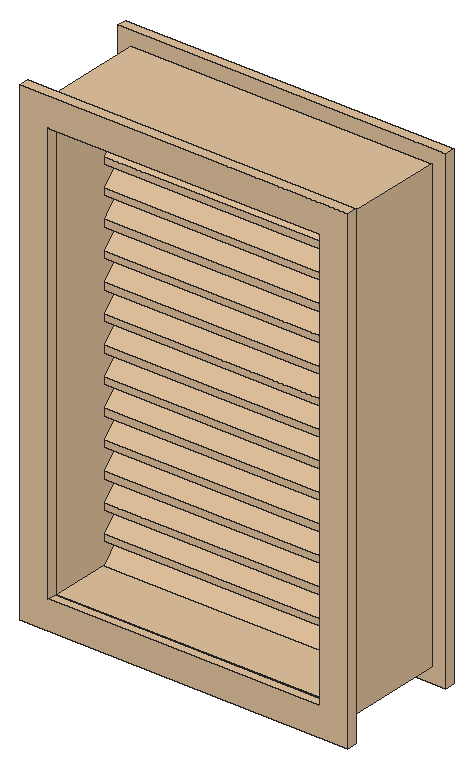
Revit family "M_Janela-louvers", category Janelas, Revit 2019
Family settings
  Hospedeiro = Parede
  Número OmniClass = 23.30.20.00
  Título OmniClass = Windows
  ID de item do Seek = Louvers with Trim-0000-CAN-ENU
  Sempre na vertical = Sim
  Corte com vazios quando carregada = Não
  Compartilhado = Não
  Ponto de cálculo do ambiente = Não
Parameters (values of type "0406 x 0610mm")
  Visual Light Transmittance = 0.9
  Solar Heat Gain Coefficient = 0.78
  ID do tipo de construção = ""
  Coeficiente de transferência de calor (U) = 3.6886 W/(m²·K)
  Material da moldura = Bétula
  Material de chaminé = Bétula
  Altura-padrão do peitoril = 915.00 mm
  Material da apara externa = Bétula
  Material da apara interna = Bétula
  Projeção da apara - Ext. = 13.00 mm
  Projeção da apara - Int. = 13.00 mm
  Largura da apara - Exterior = 38.00 mm
  Largura da apara - Interior = 38.00 mm
  Fechamento da parede = Por hospedeiro
  Largura = 406.00 mm
  Construção analítica = Vidraça única Pilkington 1/8 pol
Types (3, lengths in mm): name | Largura
  (no name) | 406.00
  0610 x 0610mm | 610.00
  0406 x 0610mm | 406.00
Reference planes
  plane 1: y = 0
  plane 2: z = 0
  plane 3 "Centro": x = 0
  plane 4 "Esquerda": x = -203
  plane 5 "Direita": x = 203
  plane 6 "Peitoril": z = 915
  plane 7 "Superior": z = 1524.6
  plane 8: y = 69.85
  plane 9: y = -82.55
  plane 10: x = -183.95
  plane 11: x = -221.95
  plane 12: x = -221.95
  plane 13: x = 221.95
  plane 14: x = 221.95
  plane 15: x = 183.95
  plane 16: z = 1543.55
  plane 17: z = 1543.55
  plane 18: z = 1505.55
  plane 19: z = 934.05
  plane 20: z = 896.05
  plane 21: z = 896.05
  plane 22: y = -1.992
Forms (mm)
  Extrusion 1, solid, material "Bétula" <- "Material da moldura"
    sketch origin (0, 0, 0) x (1, 0, 0) y (0, 0, 1)
      loop
        line (-203, 1524.6) -> (-203, 915) -> (203, 915) -> (203, 1524.6) -> (-203, 1524.6)
      loop
        line (-183.95, 1505.55) -> (-183.95, 934.05) -> (183.95, 934.05) -> (183.95, 1505.55) -> (-183.95, 1505.55)
    from -69.85 to 82.55
  Extrusion 2, solid, material "Bétula" <- "Material da apara interna"
    sketch origin (0, 0, 0) x (1, 0, 0) y (0, 0, 1)
      loop
        line (-183.95, 1505.55) -> (-183.95, 934.05) -> (183.95, 934.05) -> (183.95, 1505.55) -> (-183.95, 1505.55)
      loop
        line (-221.95, 1543.55) -> (-221.95, 896.05) -> (221.95, 896.05) -> (221.95, 1543.55) -> (-221.95, 1543.55)
    from 82.55 to 95.55
  Extrusion 3, solid, material "Bétula" <- "Material da apara externa"
    sketch origin (0, 0, 0) x (-1, 0, 0) y (0, 0, 1)
      loop
        line (-183.95, 1505.55) -> (-183.95, 934.05) -> (183.95, 934.05) -> (183.95, 1505.55) -> (-183.95, 1505.55)
      loop
        line (-221.95, 1543.55) -> (-221.95, 896.05) -> (221.95, 896.05) -> (221.95, 1543.55) -> (-221.95, 1543.55)
    from 69.85 to 82.85
  Extrusion 4, solid, material "Bétula" <- "Material de chaminé"
    sketch origin (0, 0, 0) x (0, -1, 0) y (0, 0, 1)
      loop
        line (-69.85, 934.05) -> (-60.87, 934.05) -> (-33.929, 960.991) -> (-6.988, 934.05) -> (1.992, 934.05) -> (-33.929, 969.971) -> (-69.85, 934.05)
      loop
        line (-69.85, 972.15) -> (-69.85, 963.17) -> (-33.929, 999.091) -> (1.992, 963.17) -> (1.992, 972.15) -> (-33.929, 1008.071) -> (-69.85, 972.15)
      loop
        line (-69.85, 1010.25) -> (-69.85, 1001.27) -> (-33.929, 1037.191) -> (1.992, 1001.27) -> (1.992, 1010.25) -> (-33.929, 1046.171) -> (-69.85, 1010.25)
      loop
        line (-69.85, 1048.35) -> (-69.85, 1039.37) -> (-33.929, 1075.291) -> (1.992, 1039.37) -> (1.992, 1048.35) -> (-33.929, 1084.271) -> (-69.85, 1048.35)
      loop
        line (-69.85, 1086.45) -> (-69.85, 1077.47) -> (-33.929, 1113.391) -> (1.992, 1077.47) -> (1.992, 1086.45) -> (-33.929, 1122.371) -> (-69.85, 1086.45)
      loop
        line (-69.85, 1124.55) -> (-69.85, 1115.57) -> (-33.929, 1151.491) -> (1.992, 1115.57) -> (1.992, 1124.55) -> (-33.929, 1160.471) -> (-69.85, 1124.55)
      loop
        line (-69.85, 1162.65) -> (-69.85, 1153.67) -> (-33.929, 1189.591) -> (1.992, 1153.67) -> (1.992, 1162.65) -> (-33.929, 1198.571) -> (-69.85, 1162.65)
      loop
        line (-69.85, 1200.75) -> (-69.85, 1191.77) -> (-33.929, 1227.691) -> (1.992, 1191.77) -> (1.992, 1200.75) -> (-33.929, 1236.671) -> (-69.85, 1200.75)
      loop
        line (-69.85, 1238.85) -> (-69.85, 1229.87) -> (-33.929, 1265.791) -> (1.992, 1229.87) -> (1.992, 1238.85) -> (-33.929, 1274.771) -> (-69.85, 1238.85)
      loop
        line (-69.85, 1276.95) -> (-69.85, 1267.97) -> (-33.929, 1303.891) -> (1.992, 1267.97) -> (1.992, 1276.95) -> (-33.929, 1312.871) -> (-69.85, 1276.95)
      loop
        line (-69.85, 1315.05) -> (-69.85, 1306.07) -> (-33.929, 1341.991) -> (1.992, 1306.07) -> (1.992, 1315.05) -> (-33.929, 1350.971) -> (-69.85, 1315.05)
      loop
        line (-69.85, 1353.15) -> (-69.85, 1344.17) -> (-33.929, 1380.091) -> (1.992, 1344.17) -> (1.992, 1353.15) -> (-33.929, 1389.071) -> (-69.85, 1353.15)
      loop
        line (-69.85, 1391.25) -> (-69.85, 1382.27) -> (-33.929, 1418.191) -> (1.992, 1382.27) -> (1.992, 1391.25) -> (-33.929, 1427.171) -> (-69.85, 1391.25)
      loop
        line (-69.85, 1429.35) -> (-69.85, 1420.37) -> (-33.929, 1456.291) -> (1.992, 1420.37) -> (1.992, 1429.35) -> (-33.929, 1465.171) -> (-69.85, 1429.35)
      loop
        line (-69.85, 1467.35) -> (-69.85, 1458.37) -> (-33.929, 1494.291) -> (1.992, 1458.37) -> (1.992, 1467.35) -> (-33.929, 1503.271) -> (-69.85, 1467.35)
    from -183.95 to 183.95
Lines and regions (mm)
  Opening 1
    outline origin (-1524, -82.55, 0) x (1, 0, 0) y (0, 0, 1)
      loop
        line (1321, 1524.6) -> (1321, 915) -> (1727, 915) -> (1727, 1524.6) -> (1321, 1524.6)
  symbolic lines, style "WindowsFrameMullionProjection"
    curve 1: line (-203, 69.85, 0) -> (-183.95, 69.85, 0)
    curve 2: line (-183.95, -82.55, 0) -> (-183.95, 69.85, 0)
    curve 3: line (203, 69.85, 0) -> (183.95, 69.85, 0)
    curve 4: line (183.95, -82.55, 0) -> (183.95, 69.85, 0)
    curve 5: line (-183.95, -82.55, 0) -> (-203, -82.55, 0)
    curve 6: line (183.95, -82.55, 0) -> (203, -82.55, 0)
    curve 7: line (-183.95, 57.15, 1429.35) -> (183.95, 57.15, 1429.35)
    curve 8: line (-183.95, 57.15, 1391.25) -> (183.95, 57.15, 1391.25)
    curve 9: line (-183.95, 57.15, 1353.15) -> (183.95, 57.15, 1353.15)
    curve 10: line (-183.95, 57.15, 1315.05) -> (183.95, 57.15, 1315.05)
    curve 11: line (-183.95, 57.15, 1276.95) -> (183.95, 57.15, 1276.95)
    curve 12: line (-183.95, 57.15, 1238.85) -> (183.95, 57.15, 1238.85)
    curve 13: line (-183.95, 57.15, 1200.75) -> (183.95, 57.15, 1200.75)
    curve 14: line (-183.95, 57.15, 1162.65) -> (183.95, 57.15, 1162.65)
    curve 15: line (-183.95, 57.15, 1124.55) -> (183.95, 57.15, 1124.55)
    curve 16: line (-183.95, 57.15, 1086.45) -> (183.95, 57.15, 1086.45)
    curve 17: line (-183.95, 57.15, 1048.35) -> (183.95, 57.15, 1048.35)
    curve 18: line (-183.95, 57.15, 1010.25) -> (183.95, 57.15, 1010.25)
    curve 19: line (-183.95, 57.15, 972.15) -> (183.95, 57.15, 972.15)
    curve 20: line (-183.95, 57.15, 1467.45) -> (183.95, 57.15, 1467.45)
    curve 21: line (-183.95, -1.992, 0) -> (183.95, -1.992, 0)
    curve 22: line (183.95, 69.85, 0) -> (-183.95, 69.85, 0)
Text (mm)
  text "EXTERIOR" at (-732.227, 621.858, 0), in view "Linha do piso"
  text "INTERIOR" at (-732.227, -875.3, 0), in view "Linha do piso"
  text "Exterior" at (0, 788.537, 2013.563), in view "Esquerda"
  text "Exterior" at (0, 464.664, 3176.206), in view "Direita"
Dimensions and locks
  equal spacing: plane 4 "Esquerda", plane 3 "Centro", plane 5 "Direita"
  "Largura": plane 4 "Esquerda" to plane 5 "Direita"
  "Altura-padrão do peitoril": plane 2 to plane 6 "Peitoril"
  "Projeção da apara - Int.": Extrusion 2 to Extrusion 2
  "Projeção da apara - Ext.": Extrusion 3 to Extrusion 3
  locked: plane 4 "Esquerda" to plane 10 at 19.05
  locked: plane 15 to plane 5 "Direita" at 19.05
  plane 18 to plane 7 "Superior" = 19.05 mm
  "Largura da apara - Exterior": plane 18 to plane 16
  "Largura da apara - Exterior": plane 15 to plane 13
  "Largura da apara - Exterior": plane 11 to plane 10
  plane 19 to plane 6 "Peitoril" = 19.05 mm
  "Largura da apara - Interior": plane 19 to plane 20
  "Largura da apara - Interior": plane 12 to plane 10
  "Largura da apara - Interior": plane 15 to plane 14
  "Largura da apara - Interior": plane 17 to plane 18
  "Largura da apara - Exterior": plane 21 to plane 19
  locked: plane 8 to plane 22 at 71.842
  locked: plane 10 to Extrusion 4 at 0
  locked: Extrusion 4 to plane 15
  locked: plane 6 "Peitoril" to plane 7 "Superior" at 609.6
  aligned and locked: plane 7 "Superior" to Opening 1 sketch curve
  aligned and locked: plane 6 "Peitoril" to Opening 1 sketch curve  (x2)
  aligned and locked: plane 5 "Direita" to Opening 1 sketch curve
  aligned and locked: plane 4 "Esquerda" to Opening 1 sketch curve
  aligned and locked: plane 9 to host wall
  aligned and locked: plane 8 to host wall
  aligned and locked: host wall to Extrusion 1  (x2)
  aligned and locked: curve 3 to Extrusion 1  (x2)
  aligned and locked: Extrusion 2 to host wall
  aligned and locked: Extrusion 3 sketch curve to Extrusion 1  (x4)
  aligned and locked: Extrusion 3 to host wall
Automatic sketch dimensions
  Extrusion 1 sketch curve to plane 4 "Esquerda" = 0.00 mm
  Extrusion 1 sketch curve to plane 5 "Direita" = 0.00 mm
  Extrusion 1 sketch curve to plane 4 "Esquerda" = 19.05 mm
  plane 5 "Direita" to Extrusion 1 sketch curve = 19.05 mm
  Extrusion 1 sketch curve to plane 6 "Peitoril" = 0.00 mm
  Extrusion 1 sketch curve to plane 7 "Superior" = 0.00 mm
  Extrusion 1 sketch curve to plane 6 "Peitoril" = 19.05 mm
  plane 7 "Superior" to Extrusion 1 sketch curve = 19.05 mm
  Extrusion 2 sketch curve to plane 12 = 0.00 mm
  Extrusion 2 sketch curve to plane 10 = 0.00 mm
  Extrusion 2 sketch curve to plane 15 = 0.00 mm
  Extrusion 2 sketch curve to plane 14 = 0.00 mm
  Extrusion 2 sketch curve to plane 20 = 0.00 mm
  Extrusion 2 sketch curve to plane 19 = 0.00 mm
  Extrusion 2 sketch curve to plane 18 = 0.00 mm
  Extrusion 2 sketch curve to plane 17 = 0.00 mm
  Extrusion 3 sketch curve to plane 13 = 0.00 mm
  Extrusion 3 sketch curve to plane 11 = 0.00 mm
  Extrusion 3 sketch curve to plane 21 = 0.00 mm
  Extrusion 3 sketch curve to plane 16 = 0.00 mm
  Extrusion 4 sketch curve to plane 8 = 0.00 mm  (x35)
  Extrusion 4 sketch curve to plane 22 = 0.00 mm  (x35)
  plane 18 to Extrusion 4 sketch curve = 76.20 mm  (x4)
  plane 16 to Extrusion 4 sketch curve = 76.20 mm  (x4)
  Extrusion 4 sketch curve to Extrusion 4 sketch curve = 8.98 mm  (x38)
  Extrusion 4 sketch curve to plane 8 = 35.921 mm  (x13)
  Extrusion 4 sketch curve to Extrusion 4 sketch curve = 0.00 mm  (x97)
  plane 18 to Extrusion 4 sketch curve = 87.359 mm  (x2)
  plane 7 "Superior" to Extrusion 4 sketch curve = 68.309 mm  (x2)
  plane 16 to Extrusion 4 sketch curve = 78.379 mm  (x2)
  plane 18 to Extrusion 4 sketch curve = 78.379 mm  (x2)
  Extrusion 4 sketch curve to Extrusion 4 sketch curve = 38.10 mm  (x2)
  Extrusion 4 sketch curve to Extrusion 4 sketch curve = 29.12 mm  (x35)
  plane 16 to Extrusion 4 sketch curve = 49.259 mm
  curve 20 to plane 15 = 0.00 mm
  curve 20 to plane 10 = 0.00 mm
  curve 7 to plane 10 = 0.00 mm
  curve 7 to plane 15 = 0.00 mm
  curve 8 to plane 15 = 0.00 mm
  curve 8 to plane 10 = 0.00 mm
  curve 9 to plane 10 = 0.00 mm
  curve 9 to plane 15 = 0.00 mm
  curve 10 to plane 10 = 0.00 mm
  curve 10 to plane 15 = 0.00 mm
  curve 11 to plane 15 = 0.00 mm
  curve 11 to plane 10 = 0.00 mm
  curve 12 to plane 15 = 0.00 mm
  curve 12 to plane 10 = 0.00 mm
  curve 13 to plane 15 = 0.00 mm
  curve 13 to plane 10 = 0.00 mm
  curve 14 to plane 15 = 0.00 mm
  curve 14 to plane 10 = 0.00 mm
  curve 15 to plane 10 = 0.00 mm
  curve 15 to plane 15 = 0.00 mm
  curve 16 to plane 10 = 0.00 mm
  curve 16 to plane 15 = 0.00 mm
  curve 17 to plane 15 = 0.00 mm
  curve 17 to plane 10 = 0.00 mm
  curve 18 to plane 10 = 0.00 mm
  curve 18 to plane 15 = 0.00 mm
  curve 19 to plane 10 = 0.00 mm
  curve 19 to plane 15 = 0.00 mm
  plane 7 "Superior" to curve 20 = 57.15 mm
  curve 20 to curve 7 = 38.10 mm
  curve 7 to curve 8 = 38.10 mm
  curve 8 to curve 9 = 38.10 mm
  curve 9 to curve 10 = 38.10 mm
  curve 10 to curve 11 = 38.10 mm
  curve 11 to curve 12 = 38.10 mm
  curve 12 to curve 13 = 38.10 mm
  curve 13 to curve 14 = 38.10 mm
  curve 14 to curve 15 = 38.10 mm
  curve 15 to curve 16 = 38.10 mm
  curve 16 to curve 17 = 38.10 mm
  curve 17 to curve 18 = 38.10 mm
  curve 18 to curve 19 = 38.10 mm
  curve 5 to plane 4 "Esquerda" = 0.00 mm
  curve 1 to plane 4 "Esquerda" = 0.00 mm
  curve 2 to plane 10 = 0.00 mm
  curve 3 to plane 15 = 0.00 mm
  curve 6 to plane 5 "Direita" = 0.00 mm
  curve 5 to plane 9 = 0.00 mm
  curve 4 to plane 9 = 0.00 mm
  plane 1 to curve 21 = 1.992 mm
